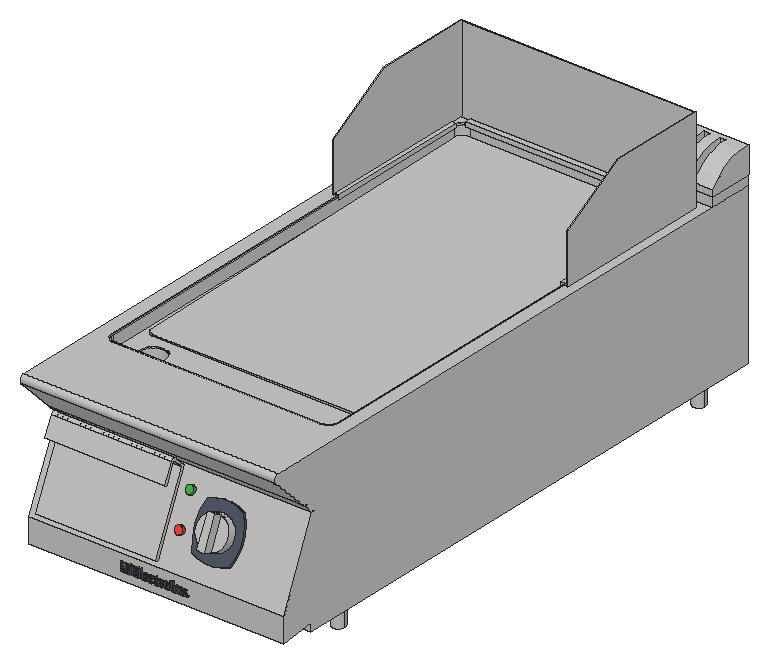
Revit family "QF_ELECTROLUXPROFESSIONAL_391175_E9FTEDCS0N", category Specialty Equipment, Revit 2018 (continued)
Automatic sketch dimensions
  Extrusion 22 sketch curve to Extrusion 22 sketch curve = 2.235 mm
  plane 7 "Center Y" to Extrusion 23 sketch curve = 20.046 mm
  plane 7 "Center Y" to Extrusion 24 sketch curve = 20.046 mm
  Extrusion 25 sketch curve to plane 15 = 0 mm
  Extrusion 25 sketch curve to plane 6 "TOP" = 20 mm
  plane 1 "BACK" to Extrusion 25 sketch curve = 105.406 mm
  Extrusion 25 sketch curve to Extrusion 25 sketch curve = 1.999 mm
  Extrusion 25 sketch curve to plane 6 "TOP" = 9.783 mm
  plane 15 to Extrusion 26 sketch curve = 0 mm  (x4)
  Extrusion 26 sketch curve to plane 15 = 10 mm  (x2)
  plane 13 to Extrusion 26 sketch curve = 21.03 mm  (x2)
  Extrusion 26 sketch curve to Extrusion 26 sketch curve = 0 mm  (x12)
  Extrusion 26 sketch curve to Extrusion 26 sketch curve = 10 mm  (x4)
  plane 14 to Extrusion 26 sketch curve = 31.03 mm  (x2)
  plane 1 "BACK" to Extrusion 26 sketch curve = 115.406 mm  (x2)
  plane 1 "BACK" to curve 10 = 0 mm
  curve 10 to plane 3 "LEFT" = 0 mm
  curve 5 to plane 9 = 0 mm
  curve 5 to plane 13 = 0 mm
  plane 15 to curve 18 = 0 mm
  curve 5 to plane 7 "Center Y" = 0 mm
  curve 9 to plane 4 "RIGHT" = 0 mm
  plane 5 "FRONT" to curve 7 = 0 mm
  plane 5 "FRONT" to curve 3 = 0 mm
  plane 5 "FRONT" to curve 1 = 0 mm
  plane 13 to curve 26 = 4.442 mm
  plane 13 to curve 12 = 11.03 mm
  curve 37 to curve 14 = 6.721 mm
  curve 13 to curve 34 = 3.484 mm
  plane 13 to curve 39 = 18.703 mm
  curve 33 to curve 31 = 6.516 mm
  curve 33 to curve 20 = 6.516 mm
  curve 12 to curve 12 = 15 mm
  curve 21 to curve 14 = 5 mm
  curve 39 to curve 39 = 9.296 mm
  curve 20 to curve 19 = 10 mm
  curve 14 to curve 21 = 5 mm
  curve 12 to curve 95 = 14.849 mm
  plane 1 "BACK" to curve 42 = 6.761 mm
  curve 38 to curve 42 = 16.193 mm
  curve 42 to curve 44 = 9.296 mm
  curve 95 to curve 95 = 20 mm
  plane 1 "BACK" to curve 49 = 6.761 mm
  curve 43 to curve 49 = 16.193 mm
  curve 48 to curve 46 = 9.296 mm
  plane 1 "BACK" to curve 52 = 6.761 mm
  curve 46 to curve 52 = 16.193 mm
  curve 52 to curve 53 = 9.296 mm
  curve 50 to curve 55 = 16.193 mm
  curve 56 to curve 57 = 9.296 mm
  curve 54 to curve 59 = 16.193 mm
  curve 60 to curve 61 = 9.296 mm
  curve 58 to curve 63 = 16.193 mm
  curve 65 to plane 7 "Center Y" = 8.071 mm
  plane 7 "Center Y" to curve 69 = 8.121 mm
  curve 66 to curve 67 = 9.296 mm
  curve 68 to curve 92 = 16.143 mm
  curve 91 to curve 93 = 9.296 mm
  plane 1 "BACK" to curve 87 = 6.761 mm
  curve 93 to curve 87 = 16.193 mm
  curve 87 to curve 90 = 9.296 mm
  curve 88 to curve 84 = 16.193 mm
  curve 83 to curve 84 = 9.296 mm
  plane 1 "BACK" to curve 79 = 6.761 mm
  curve 85 to curve 79 = 16.193 mm
  curve 79 to curve 80 = 9.296 mm
  plane 1 "BACK" to curve 76 = 6.761 mm
  curve 81 to curve 76 = 16.193 mm
  curve 76 to curve 75 = 9.296 mm
  curve 75 to curve 72 = 16.193 mm
  plane 14 to curve 11 = 26.03 mm
  curve 23 to curve 15 = 5 mm
  curve 15 to curve 30 = 5 mm
  curve 25 to curve 24 = 10 mm
  curve 71 to curve 74 = 9.296 mm
  plane 14 to curve 36 = 14.514 mm
  curve 32 to curve 15 = 3.351 mm
  curve 35 to curve 16 = 3.484 mm
  plane 15 to curve 11 = 70 mm
  plane 15 to curve 95 = 36.197 mm
  plane 8 "Center X" to curve 16 = 129.61 mm
  plane 8 "Center X" to curve 26 = 129.61 mm
  curve 21 to curve 42 = 108.645 mm
  curve 15 to curve 23 = 2.133 mm
  curve 14 to curve 22 = 2.133 mm
  curve 15 to curve 35 = 1.998 mm
  curve 14 to curve 37 = 1.998 mm
  curve 31 to curve 14 = 2.318 mm
  curve 15 to curve 29 = 10.007 mm
  curve 29 to curve 75 = 19.479 mm
  curve 31 to curve 39 = 19.479 mm
  curve 38 to curve 42 = 0 mm
  curve 75 to curve 71 = 0 mm
  curve 44 to curve 46 = 0 mm
  curve 46 to curve 50 = 0 mm
  curve 79 to curve 77 = 0 mm
  curve 50 to curve 54 = 0 mm
  curve 83 to curve 79 = 0 mm
  curve 54 to curve 58 = 0 mm
  curve 87 to curve 83 = 0 mm
  curve 62 to curve 66 = 0 mm
  curve 68 to curve 91 = 0 mm
  plane 1 "BACK" to curve 65 = 6.761 mm
  plane 1 "BACK" to curve 94 = 6.761 mm
  plane 1 "BACK" to curve 61 = 6.761 mm
  plane 1 "BACK" to curve 86 = 6.761 mm
  plane 1 "BACK" to curve 57 = 6.761 mm
  plane 1 "BACK" to curve 74 = 6.761 mm
  plane 1 "BACK" to curve 41 = 6.761 mm
  plane 1 "BACK" to curve 66 = 6.761 mm
  Extrusion 5 sketch curve to Extrusion 1 = 0 mm  (x3)
  Extrusion 1 to Extrusion 5 sketch curve = 69.85 mm
  Extrusion 1 to Extrusion 6 sketch curve = 17.03 mm  (x2)
  Extrusion 1 to Extrusion 6 sketch curve = 83.39 mm
  Extrusion 6 sketch curve to Extrusion 6 sketch curve = 1.588 mm
  Extrusion 1 to Extrusion 7 sketch curve = 37.03 mm
  Extrusion 1 to Extrusion 7 sketch curve = 92.539 mm
  Extrusion 7 sketch curve to Extrusion 7 sketch curve = 15 mm  (x3)
  Extrusion 1 to Extrusion 7 sketch curve = 145.147 mm  (x2)
  Extrusion 1 to Extrusion 7 sketch curve = 22.03 mm
  Extrusion 11 sketch curve to Extrusion 1 = 274.774 mm
  plane 5 "FRONT" to Extrusion 12 sketch curve = 0 mm  (x2)
  Extrusion 12 sketch curve to plane 3 "LEFT" = 0 mm
  Extrusion 12 sketch curve to plane 4 "RIGHT" = 0 mm
  plane 1 "BACK" to Extrusion 12 sketch curve = 0 mm
  Extrusion 12 sketch curve to plane 3 "LEFT" = 100 mm
  Extrusion 12 sketch curve to plane 4 "RIGHT" = 100 mm
  Extrusion 12 sketch curve to plane 1 "BACK" = 100 mm
  plane 14 to curve 36 = 4.442 mm
  curve 23 to curve 24 = 10 mm
  plane 14 to curve 25 = 31.03 mm
  curve 92 to curve 87 = 0 mm
  radius of Extrusion 2 sketch curve = 9.525 mm  (x4)
  radius of Extrusion 16 sketch curve = 20 mm
  radius of Extrusion 20 sketch curve = 25.4 mm
  radius of Extrusion 21 sketch curve to Extrusion 20 = 0 mm  (x2)
  radius of Extrusion 23 sketch curve = 6.35 mm
  radius of Extrusion 24 sketch curve = 6.35 mm
  radius of Extrusion 11 sketch curve = 6.35 mm
Connectors
  electrical at (340, -585, 19), driven by "Volts", driven by "Watts"
    settings: on Extrusion 11, index 1, voltage 230 V, apparent load 0 VA, apparent load phase1 0 VA, apparent load phase2 0 VA, apparent load phase3 0 VA, power factor 1, load classification "Other", number of poles 1, system type 30, power factor state 1, is connector primary yes, connector utility no, sub classification motor no, connector description "ELECTRICAL CONNECTION"
